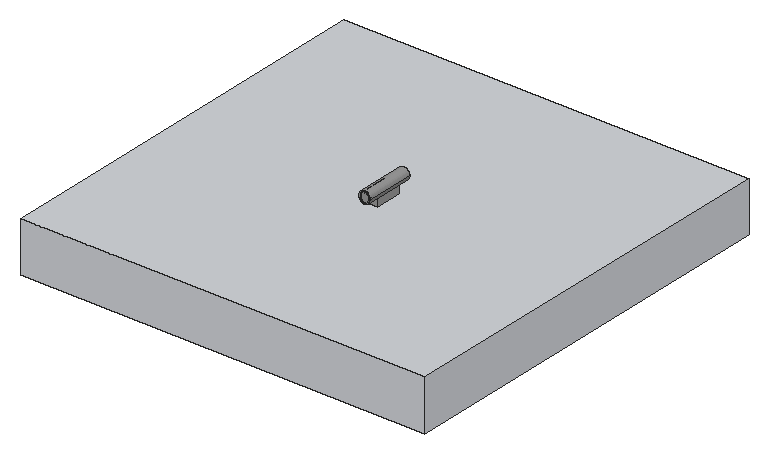
Revit family "LAMP_LUP WALL 70 DIRECT", category Luminarias, Revit 2018
Family settings
  Anfitrión = Cara
  Cota de conector redondo = Diámetro de uso
  Tipo de pieza = Normal
  Corte con vacíos al cargar = No
  Origen de luz = Sí
  Compartido = No
  Punto de cálculo de habitación = No
Parameters (values of type "665LM 3000 ASYM BLACK")
  Ángulo de inclinación = 0.00°
  Weight = 1.37 kg
  Wattage = 10.6 W
  Type = "COB PHILIPS"
  built-in parameter 1150107 = 3000 (stored number, unit not read)
  built-in parameter 1150110 = 1 (stored number, unit not read)
  built-in parameter 1150109 = 1 (stored number, unit not read)
  built-in parameter 1150112 = 1 (stored number, unit not read)
  built-in parameter 1150113 = 1 (stored number, unit not read)
  built-in parameter 1114218 = 1 (stored number, unit not read)
  Protection rating = "IP65 / IK06"
  Product datasheet = "http://www.lamp.es/product-files/TECH/LW170DR10AS30NB-EN.pdf"
  Product code = "LW170DR10AS30NB"
  Product URL = "https://www.lamp.es/en/family/lup-wall-mounted_67131"
  Power Supply = "220-240V 50/60Hz"
  Power = 9 W
  Plum = 10.6 W
  built-in parameter 1150142 = "IESNA:LM-63-2002\r\n[TEST] LW170DR10AS30NB\r\n[TESTLAB] LAMP S.A.U.\r\n[TESTDATE] 13 Nov 2018\r\n[ISSUEDATE] 13 Nov 2018\r\n[MANUFAC] LAMP S.A.U.\r\n[LUMCAT] LW170DR10AS30NB\r\n[LUMINAIRE] LUP WALL Ø70 DIR 1000 WW ASYM BK.\r\n[FLASHAREA] 0.000428\r\n[LAMPCAT] PHILIPS SLM 1203 G6\r\n[LAMP] 1 x 1203 G7 WW a 254mA\r\nTILT=NONE\r\n1 664.90 1.0 91 181 1 2 -0.045 -0.045 0.001\r\n1.00 1.00 10.60\r\n0.00 2.00 4.00 6.00 8.00 10.00 12.00 14.00 16.00 18.00 \r\n20.00 22.00 24.00 26.00 28.00 30.00 32.00 34.00 36.00 \r\n38.00 40.00 42.00 44.00 46.00 48.00 50.00 52.00 54.00 \r\n56.00 58.00 60.00 62.00 64.00 66.00 68.00 70.00 72.00 \r\n74.00 76.00 78.00 80.00 82.00 84.00 86.00 88.00 90.00 \r\n92.00 94.00 96.00 98.00 100.00 102.00 104.00 106.00 \r\n108.00 110.00 112.00 114.00 116.00 118.00 120.00 122.00 \r\n124.00 126.00 128.00 130.00 132.00 134.00 136.00 138.00 \r\n140.00 142.00 144.00 146.00 148.00 150.00 152.00 154.00 \r\n156.00 158.00 160.00 162.00 164.00 166.00 168.00 170.00 \r\n172.00 174.00 176.00 178.00 180.00 \r\n0.00 2.00 4.00 6.00 8.00 10.00 12.00 14.00 16.00 18.00 \r\n20.00 22.00 24.00 26.00 28.00 30.00 32.00 34.00 36.00 \r\n38.00 40.00 42.00 44.00 46.00 48.00 50.00 52.00 54.00 \r\n56.00 58.00 60.00 62.00 64.00 66.00 68.00 70.00 72.00 \r\n74.00 76.00 78.00 80.00 82.00 84.00 86.00 88.00 90.00 \r\n92.00 94.00 96.00 98.00 100.00 102.00 104.00 106.00 \r\n108.00 110.00 112.00 114.00 116.00 118.00 120.00 122.00 \r\n124.00 126.00 128.00 130.00 132.00 134.00 136.00 138.00 \r\n140.00 142.00 144.00 146.00 148.00 150.00 152.00 154.00 \r\n156.00 158.00 160.00 162.00 164.00 166.00 168.00 170.00 \r\n172.00 174.00 176.00 178.00 180.00 182.00 184.00 186.00 \r\n188.00 190.00 192.00 194.00 196.00 198.00 200.00 202.00 \r\n204.00 206.00 208.00 210.00 212.00 214.00 216.00 218.00 \r\n220.00 222.00 224.00 226.00 228.00 230.00 232.00 234.00 \r\n236.00 238.00 240.00 242.00 244.00 246.00 248.00 250.00 \r\n252.00 254.00 256.00 258.00 260.00 262.00 264.00 266.00 \r\n268.00 270.00 272.00 274.00 276.00 278.00 280.00 282.00 \r\n284.00 286.00 288.00 290.00 292.00 294.00 296.00 298.00 \r\n300.00 302.00 304.00 306.00 308.00 310.00 312.00 314.00 \r\n316.00 318.00 320.00 322.00 324.00 326.00 328.00 330.00 \r\n332.00 334.00 336.00 338.00 340.00 342.00 344.00 346.00 \r\n348.00 350.00 352.00 354.00 356.00 358.00 360.00 \r\n455.10 558.15 659.91 774.88 912.34 1056.93 1205.62 \r\n1350.92 1472.92 1566.70 1614.93 1614.83 1562.61 1423.01 \r\n1261.72 1090.69 937.44 808.60 703.40 621.72 548.02 478.63 \r\n382.50 289.97 205.46 135.11 82.65 48.25 40.70 35.84 32.01 \r\n27.63 23.43 19.42 15.06 11.00 7.40 5.06 3.39 2.29 1.60 \r\n1.08 0.70 0.40 0.22 0.00 0.00 0.00 0.00 0.00 0.00 0.00 \r\n0.00 0.00 0.00 0.00 0.00 0.00 0.00 0.00 0.00 0.00 0.00 \r\n0.00 0.00 0.00 0.00 0.00 0.00 0.00 0.00 0.00 0.00 0.00 \r\n0.00 0.00 0.00 0.00 0.00 0.00 0.00 0.00 0.00 0.00 0.00 \r\n0.00 0.00 0.00 0.00 0.00 0.00 \r\n455.10 558.09 659.78 774.68 912.03 1056.54 1205.20 \r\n1350.46 1472.64 1564.09 1609.93 1607.57 1553.15 1413.11 \r\n1252.02 1082.19 930.62 803.30 699.68 618.95 546.01 476.97 \r\n381.18 288.78 204.22 134.20 81.92 47.35 40.14 35.42 31.66 \r\n27.35 23.19 19.22 14.90 10.87 7.33 5.02 3.38 2.28 1.60 \r\n1.08 0.70 0.40 0.22 0.00 0.00 0.00 0.00 0.00 0.00 0.00 \r\n0.00 0.00 0.00 0.00 0.00 0.00 0.00 0.00 0.00 0.00 0.00 \r\n0.00 0.00 0.00 0.00 0.00 0.00 0.00 0.00 0.00 0.00 0.00 \r\n0.00 0.00 0.00 0.00 0.00 0.00 0.00 0.00 0.00 0.00 0.00 \r\n0.00 0.00 0.00 0.00 0.00 0.00 \r\n455.10 557.93 659.40 774.07 911.11 1053.79 1199.02 \r\n1339.28 1455.68 1543.01 1586.28 1582.23 1526.63 1389.10 \r\n1230.93 1065.20 918.04 794.09 693.67 614.43 542.71 474.43 \r\n379.27 287.19 202.46 132.95 80.91 45.77 39.35 34.82 31.17 \r\n26.95 22.85 18.93 14.67 10.71 7.21 4.96 3.36 2.27 1.59 \r\n1.08 0.70 0.41 0.22 0.00 0.00 0.00 0.00 0.00 0.00 0.00 \r\n0.00 0.00 0.00 0.00 0.00 0.00 0.00 0.00 0.00 0.00 0.00 \r\n0.00 0.00 0.00 0.00 0.00 0.00 0.00 0.00 0.00 0.00 0.00 \r\n0.00 0.00 0.00 0.00 0.00 0.00 0.00 0.00 0.00 0.00 0.00 \r\n0.00 0.00 0.00 0.00 0.00 0.00 \r\n455.10 557.66 658.76 772.88 907.83 1047.62 1189.45 \r\n1325.57 1438.29 1521.79 1562.62 1556.62 1499.48 1365.16 \r\n1210.04 1047.93 905.47 784.82 687.47 609.88 539.52 472.29 \r\n377.28 285.45 200.40 131.65 79.86 44.21 38.57 34.22 30.67 \r\n26.54 22.52 18.65 14.44 10.54 7.07 4.91 3.33 2.27 1.59 \r\n1.08 0.70 0.41 0.22 0.00 0.00 0.00 0.00 0.00 0.00 0.00 \r\n0.00 0.00 0.00 0.00 0.00 0.00 0.00 0.00 0.00 0.00 0.00 \r\n0.00 0.00 0.00 0.00 0.00 0.00 0.00 0.00 0.00 0.00 0.00 \r\n0.00 0.00 0.00 0.00 0.00 0.00 0.00 0.00 0.00 0.00 0.00 \r\n0.00 0.00 0.00 0.00 0.00 0.00 \r\n455.10 557.27 657.87 770.79 903.91 1040.81 1179.22 \r\n1312.01 1421.27 1500.65 1539.06 1531.23 1472.75 1340.91 \r\n1189.23 1030.20 892.85 775.59 681.06 605.39 536.15 470.82 \r\n375.29 283.60 197.97 130.43 78.87 44.48 37.77 33.61 30.19 \r\n26.13 22.17 18.38 14.21 10.37 6.92 4.85 3.30 2.26 1.59 \r\n1.07 0.69 0.41 0.23 0.00 0.00 0.00 0.00 0.00 0.00 0.00 \r\n0.00 0.00 0.00 0.00 0.00 0.00 0.00 0.00 0.00 0.00 0.00 \r\n0.00 0.00 0.00 0.00 0.00 0.00 0.00 0.00 0.00 0.00 0.00 \r\n0.00 0.00 0.00 0.00 0.00 0.00 0.00 0.00 0.00 0.00 0.00 \r\n0.00 0.00 0.00 0.00 0.00 0.00 \r\n455.10 556.79 656.06 768.26 899.46 1033.40 1169.70 \r\n1298.52 1403.94 1479.79 1515.38 1506.00 1447.17 1316.58 \r\n1168.36 1013.45 880.14 766.47 674.08 600.73 533.09 467.67 \r\n373.14 281.85 196.82 129.17 77.79 44.43 37.00 33.01 29.73 \r\n25.73 21.83 18.07 13.99 10.21 6.76 4.79 3.28 2.26 1.58 \r\n1.07 0.69 0.41 0.23 0.00 0.00 0.00 0.00 0.00 0.00 0.00 \r\n0.00 0.00 0.00 0.00 0.00 0.00 0.00 0.00 0.00 0.00 0.00 \r\n0.00 0.00 0.00 0.00 0.00 0.00 0.00 0.00 0.00 0.00 0.00 \r\n0.00 0.00 0.00 0.00 0.00 0.00 0.00 0.00 0.00 0.00 0.00 \r\n0.00 0.00 0.00 0.00 0.00 0.00 \r\n455.10 556.19 653.94 765.28 894.50 1025.45 1159.55 \r\n1283.86 1386.88 1459.50 1491.79 1480.38 1423.39 1292.28 \r\n1147.40 998.04 867.30 757.28 666.18 596.41 529.99 464.19 \r\n371.31 280.28 195.52 127.78 76.71 43.35 36.22 32.41 29.31 \r\n25.33 21.49 17.76 13.75 10.03 6.72 4.73 3.25 2.26 1.58 \r\n1.07 0.69 0.41 0.23 0.00 0.00 0.00 0.00 0.00 0.00 0.00 \r\n0.00 0.00 0.00 0.00 0.00 0.00 0.00 0.00 0.00 0.00 0.00 \r\n0.00 0.00 0.00 0.00 0.00 0.00 0.00 0.00 0.00 0.00 0.00 \r\n0.00 0.00 0.00 0.00 0.00 0.00 0.00 0.00 0.00 0.00 0.00 \r\n0.00 0.00 0.00 0.00 0.00 0.00 \r\n455.10 555.48 651.59 761.82 887.26 1016.73 1147.23 \r\n1266.02 1369.66 1435.14 1468.26 1451.42 1401.89 1266.21 \r\n1126.22 981.35 854.48 747.99 660.83 592.01 526.71 462.51 \r\n369.39 278.53 192.91 126.54 75.70 40.33 35.43 31.81 28.74 \r\n24.93 21.15 17.46 13.51 9.86 6.67 4.67 3.23 2.25 1.57 \r\n1.07 0.68 0.41 0.23 0.00 0.00 0.00 0.00 0.00 0.00 0.00 \r\n0.00 0.00 0.00 0.00 0.00 0.00 0.00 0.00 0.00 0.00 0.00 \r\n0.00 0.00 0.00 0.00 0.00 0.00 0.00 0.00 0.00 0.00 0.00 \r\n0.00 0.00 0.00 0.00 0.00 0.00 0.00 0.00 0.00 0.00 0.00 \r\n0.00 0.00 0.00 0.00 0.00 0.00 \r\n455.10 554.67 649.03 757.90 879.08 1007.22 1127.44 \r\n1246.76 1337.16 1408.95 1427.95 1416.17 1358.94 1232.39 \r\n1093.98 956.20 835.57 733.02 650.37 583.65 520.28 456.54 \r\n364.21 274.39 189.65 123.44 73.56 40.86 34.61 31.17 28.16 \r\n24.43 20.71 17.06 13.18 9.62 6.56 4.60 3.20 2.24 1.57 \r\n1.06 0.67 0.40 0.23 0.00 0.00 0.00 0.00 0.00 0.00 0.00 \r\n0.00 0.00 0.00 0.00 0.00 0.00 0.00 0.00 0.00 0.00 0.00 \r\n0.00 0.00 0.00 0.00 0.00 0.00 0.00 0.00 0.00 0.00 0.00 \r\n0.00 0.00 0.00 0.00 0.00 0.00 0.00 0.00 0.00 0.00 0.00 \r\n0.00 0.00 0.00 0.00 0.00 0.00 \r\n455.10 553.54 646.26 752.30 870.31 992.50 1106.84 1216.77 \r\n1302.08 1364.62 1381.48 1363.66 1305.76 1185.07 1054.64 \r\n922.86 809.81 713.51 633.64 571.85 510.61 447.41 356.29 \r\n267.19 183.01 118.37 70.22 39.70 33.78 30.48 27.58 23.83 \r\n20.16 16.58 12.77 9.32 6.38 4.51 3.15 2.21 1.56 1.05 0.67 \r\n0.40 0.23 0.00 0.00 0.00 0.00 0.00 0.00 0.00 0.00 0.00 \r\n0.00 0.00 0.00 0.00 0.00 0.00 0.00 0.00 0.00 0.00 0.00 \r\n0.00 0.00 0.00 0.00 0.00 0.00 0.00 0.00 0.00 0.00 0.00 \r\n0.00 0.00 0.00 0.00 0.00 0.00 0.00 0.00 0.00 0.00 0.00 \r\n0.00 0.00 0.00 0.00 \r\n455.10 552.20 643.29 745.86 860.93 976.21 1084.66 1184.89 \r\n1263.51 1317.42 1331.44 1311.27 1253.01 1137.86 1014.03 \r\n891.20 784.10 693.54 619.25 559.91 500.80 438.99 348.11 \r\n259.96 177.40 113.45 67.00 37.72 32.94 29.79 26.93 23.24 \r\n19.60 16.06 12.36 9.01 6.15 4.41 3.12 2.18 1.55 1.05 0.66 \r\n0.39 0.23 0.00 0.00 0.00 0.00 0.00 0.00 0.00 0.00 0.00 \r\n0.00 0.00 0.00 0.00 0.00 0.00 0.00 0.00 0.00 0.00 0.00 \r\n0.00 0.00 0.00 0.00 0.00 0.00 0.00 0.00 0.00 0.00 0.00 \r\n0.00 0.00 0.00 0.00 0.00 0.00 0.00 0.00 0.00 0.00 0.00 \r\n0.00 0.00 0.00 0.00 \r\n455.10 550.75 640.13 739.12 850.80 959.87 1061.13 1152.90 \r\n1224.22 1270.80 1281.51 1258.88 1204.99 1090.87 973.54 \r\n858.12 758.39 673.63 603.32 548.02 491.20 430.01 340.09 \r\n252.85 170.48 108.42 63.65 37.25 32.11 29.11 26.27 22.65 \r\n19.05 15.54 11.93 8.71 5.90 4.33 3.08 2.15 1.54 1.04 0.66 \r\n0.39 0.22 0.00 0.00 0.00 0.00 0.00 0.00 0.00 0.00 0.00 \r\n0.00 0.00 0.00 0.00 0.00 0.00 0.00 0.00 0.00 0.00 0.00 \r\n0.00 0.00 0.00 0.00 0.00 0.00 0.00 0.00 0.00 0.00 0.00 \r\n0.00 0.00 0.00 0.00 0.00 0.00 0.00 0.00 0.00 0.00 0.00 \r\n0.00 0.00 0.00 0.00 \r\n455.10 549.21 636.79 732.09 840.24 943.43 1037.87 1121.04 \r\n1185.10 1226.14 1231.67 1206.77 1151.82 1043.60 932.82 \r\n824.69 732.76 653.74 588.16 536.15 481.43 420.77 332.04 \r\n245.59 164.66 103.39 60.37 35.79 31.27 28.42 25.70 22.06 \r\n18.49 15.03 11.51 8.39 5.81 4.23 3.05 2.15 1.53 1.03 0.65 \r\n0.39 0.22 0.00 0.00 0.00 0.00 0.00 0.00 0.00 0.00 0.00 \r\n0.00 0.00 0.00 0.00 0.00 0.00 0.00 0.00 0.00 0.00 0.00 \r\n0.00 0.00 0.00 0.00 0.00 0.00 0.00 0.00 0.00 0.00 0.00 \r\n0.00 0.00 0.00 0.00 0.00 0.00 0.00 0.00 0.00 0.00 0.00 \r\n0.00 0.00 0.00 0.00 \r\n455.10 547.56 633.09 724.78 829.31 926.65 1014.41 1089.33 \r\n1145.99 1183.18 1181.74 1154.17 1097.40 996.16 891.97 \r\n792.60 706.94 633.83 572.50 524.25 471.73 413.14 323.86 \r\n238.31 158.84 98.45 57.10 33.75 30.44 27.74 25.01 21.47 \r\n17.94 14.52 11.10 8.09 5.65 4.14 3.00 2.14 1.51 1.02 0.65 \r\n0.38 0.22 0.00 0.00 0.00 0.00 0.00 0.00 0.00 0.00 0.00 \r\n0.00 0.00 0.00 0.00 0.00 0.00 0.00 0.00 0.00 0.00 0.00 \r\n0.00 0.00 0.00 0.00 0.00 0.00 0.00 0.00 0.00 0.00 0.00 \r\n0.00 0.00 0.00 0.00 0.00 0.00 0.00 0.00 0.00 0.00 0.00 \r\n0.00 0.00 0.00 0.00 \r\n455.10 545.80 628.79 717.22 818.04 909.79 990.10 1057.35 \r\n1107.16 1138.36 1131.69 1101.54 1048.07 949.11 851.45 \r\n758.54 681.35 613.92 557.32 512.32 462.06 403.57 315.79 \r\n231.20 152.69 93.52 53.76 33.56 29.60 27.05 24.41 20.87 \r\n17.38 14.01 10.67 7.78 5.39 4.05 2.97 2.13 1.50 1.01 0.64 \r\n0.37 0.22 0.00 0.00 0.00 0.00 0.00 0.00 0.00 0.00 0.00 \r\n0.00 0.00 0.00 0.00 0.00 0.00 0.00 0.00 0.00 0.00 0.00 \r\n0.00 0.00 0.00 0.00 0.00 0.00 0.00 0.00 0.00 0.00 0.00 \r\n0.00 0.00 0.00 0.00 0.00 0.00 0.00 0.00 0.00 0.00 0.00 \r\n0.00 0.00 0.00 0.00 \r\n455.10 543.95 624.32 709.06 806.34 892.92 965.80 1025.61 \r\n1068.62 1092.09 1083.95 1052.58 997.48 904.15 812.52 \r\n727.89 656.23 594.67 541.91 500.40 452.13 394.01 307.52 \r\n223.86 146.39 88.63 50.62 32.48 28.81 26.40 23.80 20.28 \r\n16.83 13.50 10.26 7.48 5.26 3.96 2.93 2.10 1.50 1.00 0.63 \r\n0.37 0.22 0.00 0.00 0.00 0.00 0.00 0.00 0.00 0.00 0.00 \r\n0.00 0.00 0.00 0.00 0.00 0.00 0.00 0.00 0.00 0.00 0.00 \r\n0.00 0.00 0.00 0.00 0.00 0.00 0.00 0.00 0.00 0.00 0.00 \r\n0.00 0.00 0.00 0.00 0.00 0.00 0.00 0.00 0.00 0.00 0.00 \r\n0.00 0.00 0.00 0.00 \r\n455.10 541.93 619.70 700.74 793.12 874.62 941.26 994.13 \r\n1030.79 1049.72 1038.55 1005.96 952.43 865.50 780.21 \r\n701.24 635.31 578.05 529.19 489.03 441.31 383.56 297.47 \r\n215.09 139.59 84.50 48.61 31.85 28.43 25.95 23.23 19.72 \r\n16.28 13.00 9.89 7.25 5.16 3.89 2.90 2.07 1.48 0.99 0.62 \r\n0.37 0.22 0.00 0.00 0.00 0.00 0.00 0.00 0.00 0.00 0.00 \r\n0.00 0.00 0.00 0.00 0.00 0.00 0.00 0.00 0.00 0.00 0.00 \r\n0.00 0.00 0.00 0.00 0.00 0.00 0.00 0.00 0.00 0.00 0.00 \r\n0.00 0.00 0.00 0.00 0.00 0.00 0.00 0.00 0.00 0.00 0.00 \r\n0.00 0.00 0.00 0.00 \r\n455.10 539.76 614.92 692.48 779.62 855.42 916.52 962.83 \r\n993.86 1009.40 994.94 962.74 913.94 828.54 748.80 676.49 \r\n614.80 561.98 516.73 477.64 430.35 372.59 287.23 206.23 \r\n132.79 80.45 46.75 31.42 28.10 25.53 22.72 19.15 15.72 \r\n12.50 9.52 7.01 4.99 3.83 2.86 2.07 1.46 0.98 0.60 0.36 \r\n0.21 0.00 0.00 0.00 0.00 0.00 0.00 0.00 0.00 0.00 0.00 \r\n0.00 0.00 0.00 0.00 0.00 0.00 0.00 0.00 0.00 0.00 0.00 \r\n0.00 0.00 0.00 0.00 0.00 0.00 0.00 0.00 0.00 0.00 0.00 \r\n0.00 0.00 0.00 0.00 0.00 0.00 0.00 0.00 0.00 0.00 0.00 \r\n0.00 0.00 0.00 \r\n455.10 537.50 609.98 684.01 765.85 836.22 892.48 931.66 \r\n957.02 966.65 951.58 919.67 869.80 792.08 718.00 651.25 \r\n594.67 546.02 504.11 466.25 419.41 362.57 276.88 197.24 \r\n125.96 76.43 44.90 31.11 27.77 25.11 22.22 18.59 15.17 \r\n11.98 9.15 6.78 4.94 3.77 2.83 2.05 1.45 0.97 0.59 0.35 \r\n0.21 0.00 0.00 0.00 0.00 0.00 0.00 0.00 0.00 0.00 0.00 \r\n0.00 0.00 0.00 0.00 0.00 0.00 0.00 0.00 0.00 0.00 0.00 \r\n0.00 0.00 0.00 0.00 0.00 0.00 0.00 0.00 0.00 0.00 0.00 \r\n0.00 0.00 0.00 0.00 0.00 0.00 0.00 0.00 0.00 0.00 0.00 \r\n0.00 0.00 0.00 \r\n455.10 535.14 604.90 675.34 751.83 817.04 868.02 900.32 \r\n920.03 925.08 908.41 875.67 829.96 755.69 686.49 626.01 \r\n574.57 530.08 491.68 454.85 408.46 351.34 266.61 188.40 \r\n118.77 72.34 43.07 30.71 27.44 24.70 21.70 18.04 14.62 \r\n11.51 8.79 6.54 4.77 3.70 2.79 2.02 1.44 0.96 0.59 0.35 \r\n0.20 0.00 0.00 0.00 0.00 0.00 0.00 0.00 0.00 0.00 0.00 \r\n0.00 0.00 0.00 0.00 0.00 0.00 0.00 0.00 0.00 0.00 0.00 \r\n0.00 0.00 0.00 0.00 0.00 0.00 0.00 0.00 0.00 0.00 0.00 \r\n0.00 0.00 0.00 0.00 0.00 0.00 0.00 0.00 0.00 0.00 0.00 \r\n0.00 0.00 0.00 \r\n455.10 532.67 599.70 666.48 738.05 797.64 842.04 868.98 \r\n882.99 885.26 864.73 833.36 786.64 719.03 656.03 600.33 \r\n554.19 513.92 479.22 443.44 397.49 339.90 256.34 179.45 \r\n111.71 68.28 41.20 30.08 27.11 24.28 21.17 17.48 14.06 \r\n11.02 8.43 6.32 4.69 3.64 2.77 2.01 1.42 0.95 0.59 0.34 \r\n0.20 0.00 0.00 0.00 0.00 0.00 0.00 0.00 0.00 0.00 0.00 \r\n0.00 0.00 0.00 0.00 0.00 0.00 0.00 0.00 0.00 0.00 0.00 \r\n0.00 0.00 0.00 0.00 0.00 0.00 0.00 0.00 0.00 0.00 0.00 \r\n0.00 0.00 0.00 0.00 0.00 0.00 0.00 0.00 0.00 0.00 0.00 \r\n0.00 0.00 0.00 \r\n455.10 530.13 594.36 657.44 724.19 778.12 817.19 837.90 \r\n846.14 842.15 821.95 788.84 746.43 682.20 624.76 575.38 \r\n533.95 497.81 466.69 432.03 386.51 328.85 246.00 170.50 \r\n105.47 64.24 39.34 29.90 26.78 23.86 20.63 16.92 13.51 \r\n10.52 8.06 6.08 4.58 3.58 2.73 1.99 1.41 0.94 0.58 0.33 \r\n0.20 0.00 0.00 0.00 0.00 0.00 0.00 0.00 0.00 0.00 0.00 \r\n0.00 0.00 0.00 0.00 0.00 0.00 0.00 0.00 0.00 0.00 0.00 \r\n0.00 0.00 0.00 0.00 0.00 0.00 0.00 0.00 0.00 0.00 0.00 \r\n0.00 0.00 0.00 0.00 0.00 0.00 0.00 0.00 0.00 0.00 0.00 \r\n0.00 0.00 0.00 \r\n455.10 527.48 588.90 648.16 710.22 759.03 793.53 807.98 \r\n810.82 801.07 779.17 746.70 703.64 646.44 593.20 550.34 \r\n513.82 481.87 454.20 420.63 375.53 317.91 235.62 161.66 \r\n98.50 60.13 37.44 29.33 26.45 23.44 20.11 16.36 12.96 \r\n10.02 7.70 5.85 4.44 3.52 2.70 1.97 1.40 0.93 0.57 0.33 \r\n0.19 0.00 0.00 0.00 0.00 0.00 0.00 0.00 0.00 0.00 0.00 \r\n0.00 0.00 0.00 0.00 0.00 0.00 0.00 0.00 0.00 0.00 0.00 \r\n0.00 0.00 0.00 0.00 0.00 0.00 0.00 0.00 0.00 0.00 0.00 \r\n0.00 0.00 0.00 0.00 0.00 0.00 0.00 0.00 0.00 0.00 0.00 \r\n0.00 0.00 0.00 \r\n455.10 524.76 583.45 638.77 696.16 740.43 770.85 781.40 \r\n780.48 768.24 745.83 712.42 673.11 618.14 570.86 531.26 \r\n498.14 469.38 443.46 409.64 364.05 305.97 224.70 152.44 \r\n92.05 56.71 36.04 28.88 25.97 22.90 19.49 15.76 12.43 \r\n9.59 7.40 5.67 4.35 3.46 2.66 1.95 1.38 0.92 0.56 0.32 \r\n0.19 0.00 0.00 0.00 0.00 0.00 0.00 0.00 0.00 0.00 0.00 \r\n0.00 0.00 0.00 0.00 0.00 0.00 0.00 0.00 0.00 0.00 0.00 \r\n0.00 0.00 0.00 0.00 0.00 0.00 0.00 0.00 0.00 0.00 0.00 \r\n0.00 0.00 0.00 0.00 0.00 0.00 0.00 0.00 0.00 0.00 0.00 \r\n0.00 0.00 0.00 \r\n455.10 521.95 577.76 629.27 682.03 722.34 749.07 757.89 \r\n755.79 743.46 719.99 689.92 650.89 600.45 555.50 518.42 \r\n487.66 460.12 434.47 399.05 352.08 293.02 213.06 142.90 \r\n85.81 53.78 35.06 28.47 25.35 22.22 18.79 15.14 11.92 \r\n9.24 7.18 5.54 4.29 3.40 2.62 1.92 1.36 0.91 0.56 0.32 \r\n0.19 0.00 0.00 0.00 0.00 0.00 0.00 0.00 0.00 0.00 0.00 \r\n0.00 0.00 0.00 0.00 0.00 0.00 0.00 0.00 0.00 0.00 0.00 \r\n0.00 0.00 0.00 0.00 0.00 0.00 0.00 0.00 0.00 0.00 0.00 \r\n0.00 0.00 0.00 0.00 0.00 0.00 0.00 0.00 0.00 0.00 0.00 \r\n0.00 0.00 0.00 \r\n455.10 519.06 571.98 620.30 667.84 704.68 728.46 735.39 \r\n732.36 720.10 696.24 665.81 629.59 582.14 540.26 506.31 \r\n477.16 450.80 425.61 388.46 340.11 280.19 201.38 133.51 \r\n7
